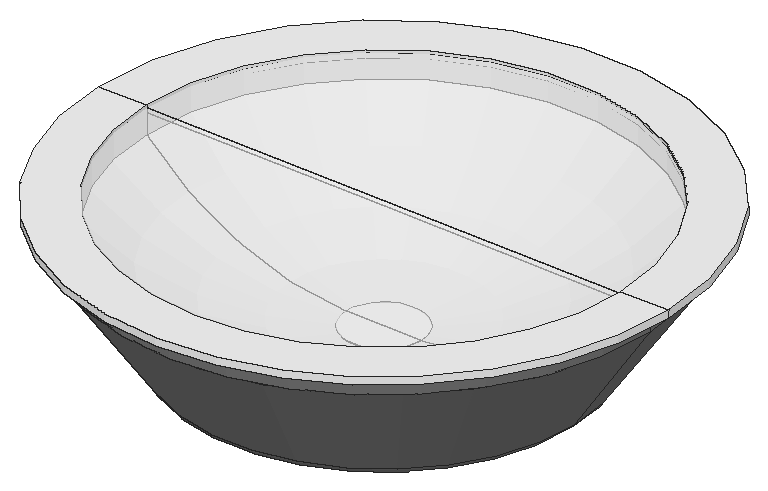
Revit family "0030307", category Lighting Fixtures, host Face, Revit 2016
Family settings
  Host = Face
  Part Type = Normal
  Round Connector Dimension = Use Diameter
  OmniClass Number = 23.80.70.00
  OmniClass Title = Lighting
  Cut with Voids When Loaded = No
  Light Source = Yes
  Shared = No
  Room Calculation Point = No
Parameters (values of type "0030307 Insaver Slim IP44 225 3050lm 840")
  WidthBezel_SYL = if(Size1_SYL, 20 mm, if(Size2_SYL, 20 mm, if(Size3PIR_SYL, 30 mm, if(Size4_SYL, 20 mm, 20 mm))))  # 20 mm
  Weight = "10.56 kg"
  Wattage Comments = ""
  Wattage = 25 W
  WarrantyStartDate [instance] = "n/a"
  WarrantyGuarantorParts = "n/a"
  WarrantyDurationUnit = "n/a"
  WarrantyDurationParts = "n/a"
  WarrantyDescription = "n/a"
  built-in parameter 1150110 = 1 (stored number, unit not read)
  Voltage = 230 V
  VisibilityPIR_SYL = Size3PIR_SYL  # no
  URL = "http://www.sylvania-lighting.com"
  TypeName = "Insaver Slim IP44 225 3050lm 840"
  Type Image = <None>
  Type Comments = "n/a"
  built-in parameter 1114217 = 1 (stored number, unit not read)
  Tilt Angle = -90.00°
  built-in parameter 1150109 = 1 (stored number, unit not read)
  built-in parameter 1150134 = 12
  built-in parameter 1150113 = 1 (stored number, unit not read)
  Size4_SYL = no
  Size3PIR_SYL = no
  Size2_SYL = no
  Size1_SYL = no
  SerialNumber [instance] = "n/a"
  RadiusTop_SYL = 6 mm
  RadiusReflector_SYL = if(Size1_SYL, 85 mm, if(Size2_SYL, 85 mm, if(Size3PIR_SYL, 85 mm, if(Size4_SYL, 100 mm, 120 mm))))  # 120 mm
  Photometric Web File = "0030307.ies"
  Material_3_FEILO = Top-Sylvania-STARTDownlight
  PowerFactor = 0.9
  PowerConsumption = "25 W"
  NominalLength = 240 mm
  NominalHeight = 60 mm
  NominalDepth = 240 mm
  Name = "Insaver Slim IP44 225 3050lm 840"
  ModelReference = Name  # "Insaver Slim IP44 225 3050lm 840"
  ModelNumber = "0030307"
  Model = Name  # "Insaver Slim IP44 225 3050lm 840"
  Material = "aluminium housing, na diffuser"
  ManufacturerName = "Feilo Sylvania"
  Manufacturer = "Feilo Sylvania"
  LuminousEfficacy = "122 lm/W"
  built-in parameter 1150105 = 242.71 (stored number, unit not read)
  Lumens = 3050 lm
  LuminaireType = ""
  built-in parameter 1150115 = 1 (stored number, unit not read)
  LightOutputRatio = "n/a"
  built-in parameter 1150137 = (empty or 0)
  built-in parameter 1150139 = (empty or 0)
  LampsType = Lamp  # "LED"
  LampNominalLuminous = "3050 lm"
  LampMacAdamStep = "5"
  LampColourTemperature = "4000 K"
  LampColourRenderingIndex = "80"
  built-in parameter 1150112 = 1 (stored number, unit not read)
  built-in parameter 1150114 = 1 (stored number, unit not read)
  Lamp = "LED"
  Keynote = "16500"
  InstallationDate [instance] = "n/a"
  InputVoltage = "AC 220-240 V"
  InputNominalFrequency = "50/60 Hz"
  built-in parameter 1150132 = (empty or 0)
  built-in parameter 1150102 = (empty or 0)
  built-in parameter 1150107 = 4000 (stored number, unit not read)
  built-in parameter 1150138 = (empty or 0)
  IngressProtection = "IP40/20"
  ImpactProtectionIndex = "IK07"
  built-in parameter 1150106 = 2.4271 (stored number, unit not read)
  IfcExportType = "IfcLightFixtureType"
  IfcExportAs = "IfcLightFixtureType"
  Height_SYL = if(Size1_SYL, 61 mm, if(Size2_SYL, 61 mm, if(Size3PIR_SYL, 61 mm, if(Size4_SYL, 61 mm, 60 mm))))  # 60 mm
  HeightBezel_SYL = if(Size1_SYL, 3 mm, if(Size2_SYL, 3 mm, if(Size3PIR_SYL, 3 mm, if(Size4_SYL, 3.2 mm, 3 mm))))  # 3 mm
  ExpectedLife = 50000
  Emit from Circle Diameter = Diameter_SYL - 40 mm  # 200 mm
  Emit Shape Visible in Rendering = no
  ElectricShockClassification = "Class II"
  built-in parameter 1150104 = 11.334 (stored number, unit not read)
  DurationUnit = "hours"
  DocumentationLiterature = "http://www.sylvania-lighting.com/product/en-int/products/0030307"
  DimmingControlOptions = "n/a"
  Material_2_FEILO = Diffuser-Sylvania-STARTDownlight
  Dimming Lamp Color Temperature Shift = <None>
  Diameter_SYL = if(Size1_SYL, 165 mm, if(Size2_SYL, 190 mm, if(Size3PIR_SYL, 211 mm, if(Size4_SYL, 220 mm, 240 mm))))  # 240 mm
  DiameterTop_SYL = if(Size1_SYL, 98 mm, if(Size2_SYL, 122 mm, if(Size3PIR_SYL, 120 mm, if(Size4_SYL, 135 mm, 158 mm))))  # 158 mm
  DiameterTopBase_SYL = DiameterRecess_SYL  # 225 mm
  DiameterRecess_SYL = if(Size1_SYL, 150 mm, if(Size2_SYL, 170 mm, if(Size3PIR_SYL, 186 mm, if(Size4_SYL, 200 mm, 225 mm))))  # 225 mm
  Description = ""
  Default Elevation = 1219.2 mm
  CreatedOn = "3/18/2019"
  CreatedBy = "@sylvania-lighting.com"
  Cost = 0
  Color Filter = 16777215
  built-in parameter 1114216 [instance] = (empty or 0)
  ClassificationValue = "EF_70_80"
  ClassificationName = "Uniclass2015"
  Material_1_FEILO = Trim-Sylvania-STARTDownlight-White
  BarCode [instance] = "n/a"
  built-in parameter 1114218 = 1 (stored number, unit not read)
  built-in parameter 1150133 = 10 (stored number, unit not read)
  AssetType = "Fixed"
  AssetIdentifier [instance] = "n/a"
  Assembly Code = "D5020200"
  Apparent Load = 25 VA
  Material_4_FEILO = LED-Sylvania-STARTDownlight
Reference planes
  plane 1 "Center (Front/Back)": y = 0
  plane 2: z = 0
  plane 3 "Center (Left/Right)": x = 0
  plane 4: x = 120
  plane 5: x = -120
  plane 6: z = 3
  plane 7: z = -8
  plane 8: z = -57
  plane 9: x = -112.5
  plane 10: x = 112.5
  plane 11: x = -79
  plane 12: x = 79
  plane 13: z = -85
  plane 14: x = -100
  plane 15: z = 2
  plane 16: z = -45
  plane 17: x = -16
  plane 18: x = -105
  plane 19: x = -81.5
  plane 20: x = -99.5
  plane 21: x = -114
  plane 22: z = 5.5
  plane 23: z = 8.7
  plane 24: x = -113
  plane 25: z = 13.7
Forms (mm)
  Revolve 1, void
    sketch origin (0, 0, 0) x (1, 0, 0) y (0, 0, 1)
      loop
        line (0, 0) -> (-112.5, 0) -> (-112.5, -85) -> (0, -85) -> (0, 0)
      axis (0, 0) -> (0, -85)
    angle from 360 to 0
  Revolve 2, solid, material "Trim-Sylvania-STARTDownlight-White" <- "Material_1_FEILO"
    sketch origin (0, 0, 0) x (1, 0, 0) y (0, 0, 1)
      loop
        line (-100, 3) -> (-120, 3) -> (-120, 0) -> (-112.5, 0) -> (-112.5, -8) -> (-80.681, -53.768)
        arc (-80.681, -53.768) -> (-78.471, -56.129) -> (-75.357, -57) r 6
        line (-75.357, -57) -> (0, -57) -> (0, -45) -> (-16, -45)
        arc (-16, -45) -> (-61.677, -34.849) -> (-100, -8) r 120
        line (-100, -8) -> (-100, 3)
      axis (0, 3) -> (0, -57)
    angle from 360 to 0
  Revolve 3, solid, material "Diffuser-Sylvania-STARTDownlight" <- "Material_2_FEILO"
    sketch origin (0, 0, 0) x (1, 0, 0) y (0, 0, 1)
      loop
        line (-100, 0) -> (0, 0) -> (0, 2) -> (-100, 2) -> (-100, 0)
      axis (0, 2) -> (0, 0)
    angle from 360 to 0
  Revolve 4, solid, material "Trim-Sylvania-STARTDownlight-White" <- "Material_1_FEILO", visible <- "VisibilityPIR_SYL"
    sketch origin (0, 0, 0) x (1, 0, 0) y (0, 0, 1)
      loop
        line (-105, 3) -> (-105, 13.7)
        arc (-105, 13.7) -> (-109.717, 12.347) -> (-113, 8.7) r 8.9
        line (-113, 8.7) -> (-113, 5.5) -> (-114, 5.5) -> (-114, 3) -> (-105, 3)
      axis (-105, 13.7) -> (-105, 3)
    angle from 360 to 0
Dimensions and locks
  equal spacing: plane 4, plane 3 "Center (Left/Right)", plane 5
  "Diameter_SYL": plane 4 to plane 5
  equal spacing: plane 10, plane 3 "Center (Left/Right)", plane 9
  equal spacing: plane 12, plane 3 "Center (Left/Right)", plane 11
  "DiameterTop_SYL": plane 12 to plane 11
  "HeightBezel_SYL": plane 6 to plane 2
  "Height_SYL": plane 6 to plane 8
  locked: plane 2 to plane 7 at 8
  locked: plane 2 to plane 13 at 85
  "WidthBezel_SYL": plane 14 to plane 5
  locked: plane 6 to plane 15 at 1
  "DiameterRecess_SYL": plane 10 to plane 9
  locked: plane 3 "Center (Left/Right)" to plane 17 at 16
  locked: plane 16 to plane 8 at 12
  locked: plane 18 to plane 21 at 9
  locked: plane 22 to plane 6 at 2.5
  locked: plane 23 to plane 22 at 3.2
  locked: plane 18 to plane 24 at 8
  locked: plane 25 to plane 23 at 5
  locked: plane 25 to Revolve 4 sketch curve at 8.9
  locked: plane 18 to plane 5 at 15
  "RadiusReflector_SYL": radius of Revolve 2 sketch curve
  "RadiusTop_SYL": radius of Revolve 2 sketch curve
  aligned and locked: plane 2 to host face
  aligned and locked: level to host face
  aligned and locked: Revolve 1 sketch curve to plane 3 "Center (Left/Right)"
  aligned and locked: plane 3 "Center (Left/Right)" to Revolve 1 sketch curve
  aligned and locked: Revolve 1 sketch curve to plane 9
  aligned and locked: plane 13 to Revolve 1 sketch curve
  aligned and locked: plane 3 "Center (Left/Right)" to imposter light
  aligned and locked: imposter light to plane 15
  aligned and locked: imposter light to plane 1 "Center (Front/Back)"
  aligned and locked: Revolve 2 sketch curve to plane 3 "Center (Left/Right)"
  aligned and locked: Revolve 2 sketch curve to plane 6
  aligned and locked: Revolve 2 sketch curve to plane 5
  aligned and locked: Revolve 2 sketch curve to level
  aligned and locked: plane 7 to Revolve 2 sketch curve  (x2)
  aligned and locked: Revolve 2 sketch curve to plane 9
  aligned and locked: plane 8 to Revolve 2 sketch curve
  aligned and locked: Revolve 2 sketch curve to plane 14
  aligned and locked: plane 3 "Center (Left/Right)" to Revolve 2 sketch curve
  aligned and locked: Revolve 2 sketch curve to plane 16
  aligned and locked: Revolve 3 sketch curve to plane 3 "Center (Left/Right)"
  aligned and locked: Revolve 3 sketch curve to level
  aligned and locked: imposter light to Revolve 3 sketch curve  (x2)
  aligned and locked: Revolve 4 sketch curve to plane 18  (x2)
  aligned and locked: Revolve 4 sketch curve to plane 6
  aligned and locked: plane 22 to Revolve 4 sketch curve
  aligned and locked: plane 24 to Revolve 4 sketch curve
  aligned and locked: Revolve 4 sketch curve to Revolve 4 sketch curve
  aligned and locked: plane 21 to Revolve 4 sketch curve
Automatic sketch dimensions
  host sketch curve to host sketch curve = 2438.4 mm  (x2)
  plane 13 to Revolve 1 sketch curve = 524.6 mm
  Revolve 1 sketch curve to plane 6 = 2606.058 mm
  Revolve 1 sketch curve to level = 0 mm
  Revolve 2 sketch curve to plane 17 = 0 mm
  Revolve 2 sketch curve to plane 11 = 1.681 mm
  plane 11 to Revolve 2 sketch curve = 3.643 mm
  plane 13 to Revolve 2 sketch curve = 524.6 mm
  Revolve 2 sketch curve to Revolve 2 sketch curve = 2577.983 mm
  Revolve 3 sketch curve to plane 14 = 0 mm
  plane 13 to Revolve 3 sketch curve = 524.6 mm
  Revolve 3 sketch curve to plane 6 = 2606.058 mm
  Revolve 4 sketch curve to plane 23 = 0 mm
  plane 13 to Revolve 4 sketch curve = 524.6 mm
  Revolve 4 sketch curve to Revolve 4 sketch curve = 2595.358 mm
Connectors
  electrical at (0, 0, 0), driven by "Apparent Load", driven by "PowerFactor", driven by "Voltage"
    settings: index 1, voltage 230 V, apparent load 25 VA, apparent load phase1 0 VA, apparent load phase2 0 VA, apparent load phase3 0 VA, power factor 0.9, load classification "Lighting", number of poles 1, system type 30, power factor state 1, is connector primary yes, connector utility no, sub classification motor no, connector description ""
